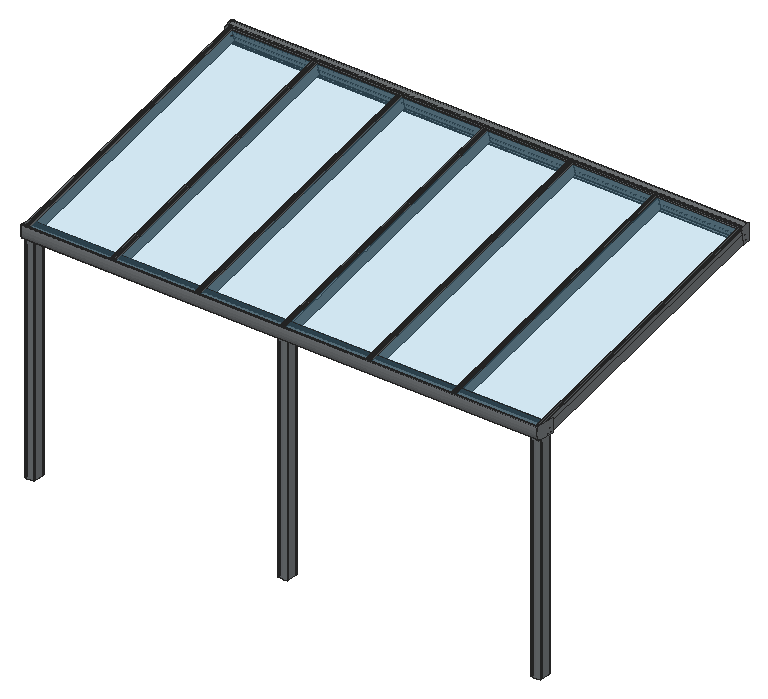
Revit family "Verano_V908_Ledro_GM_R21", category Generic Models, Revit 2021 (continued)
Definition of nested family "Wall Profile"
  Automatic sketch dimensions
    Extrusion 1 sketch curve to Extrusion 1 sketch curve = 3.81 mm
    Extrusion 1 sketch curve to level = 28.746 mm
    Extrusion 1 sketch curve to Extrusion 1 sketch curve = 0.526 mm
    Extrusion 1 sketch curve to level = 21.621 mm
    Extrusion 1 sketch curve to Extrusion 1 sketch curve = 4.981 mm
    Extrusion 1 sketch curve to level = 19.421 mm
    Extrusion 1 sketch curve to Extrusion 1 sketch curve = 0.673 mm
    Extrusion 1 sketch curve to level = 22.147 mm
    Extrusion 1 sketch curve to level = 18.035 mm
    Extrusion 1 sketch curve to Extrusion 1 sketch curve = 2.306 mm
    Extrusion 1 sketch curve to level = 1.5 mm
    Extrusion 1 sketch curve to Extrusion 1 sketch curve = 0.577 mm  (x10)
    Extrusion 1 sketch curve to Extrusion 1 sketch curve = 0.578 mm
    Extrusion 1 sketch curve to Extrusion 1 sketch curve = 0.488 mm
    Extrusion 1 sketch curve to Extrusion 1 sketch curve = 2.613 mm
    Extrusion 1 sketch curve to Extrusion 1 sketch curve = 1.585 mm
    Extrusion 1 sketch curve to Extrusion 1 sketch curve = 1.721 mm
    Extrusion 1 sketch curve to Extrusion 1 sketch curve = 35.787 mm
    Extrusion 1 sketch curve to Extrusion 1 sketch curve = 1.5 mm  (x4)
    Extrusion 1 sketch curve to Extrusion 1 sketch curve = 33.345 mm  (x2)
    Extrusion 1 sketch curve to Extrusion 1 sketch curve = 33.348 mm
    Extrusion 1 sketch curve to Extrusion 1 sketch curve = 1.498 mm
    Extrusion 1 sketch curve to Extrusion 1 sketch curve = 2.266 mm
    Extrusion 1 sketch curve to Extrusion 1 sketch curve = 9.521 mm
    Extrusion 1 sketch curve to Extrusion 1 sketch curve = 11.424 mm
    Extrusion 1 sketch curve to Extrusion 1 sketch curve = 0.001 mm
    Extrusion 1 sketch curve to plane 6 = 0.922 mm
    Extrusion 1 sketch curve to Extrusion 1 sketch curve = 0 mm
Definition of nested family "Top Frame_4"
  Parameters (values of type "Top Frame_4")
    Width = 3000 mm
    V3000 = no
    V2000 = no
    Rail Length Short = Frame Depth - 7.3 mm * 2  # 2985.4 mm
    Rail Length = Frame Depth - 7.3 mm * 2 + 90 mm  # 3075.4 mm
    Panel Material = none
    Number of Rails = Number of Fileds - 1  # 2
    Number of Fileds = if(Width < 3000 mm, 3, roundup(Width / 1000 mm))  # 3
    Glass Width = Field Width - 28 mm  # 953 mm
    Frame Material = none
    Field Width = (Width - 28.5 mm * 2) / (Number of Rails + 1)  # 981 mm
    Frame Depth = 3000 mm
    Default Elevation = 1219.2 mm
  Reference planes
    plane 1 "Center (Front/Back)": y = 0
    plane 2: z = 0
    plane 3 "Center (Left/Right)": x = 0
    plane 4: x = -1500
    plane 5: x = 1500
    plane 6: y = -3000
    plane 7: x = -490.5
    plane 8 "Extrusion Start": y = -7
    plane 9 "Extrusion End": y = -2992.699
    plane 10: x = -1471.5
    plane 11: x = 1471.5
    plane 12: x = 490.5
    plane 13 "Rail Bottom": z = 3.703
    plane 14 "G1": x = -1457.5
    plane 15: z = 134.504
    plane 16: z = 126.504
    plane 17 "G2": x = -476.5
    plane 18: y = -3082.4
    plane 19: x = -504.5
    plane 20: x = 504.5
    plane 21: x = 1457.5
  Forms (mm)
    Sweep 1, solid, material <- "Frame Material"
      path origin (0, 0, 0) x (1, 0, 0) y (0, 1, 0)
        loop
          line (1500, -3000) -> (-1500, -3000)
      profile "Rot Profile : Rot Profile" origin (0, -3000, 0) x (0, -1, 0) y (0, 0, 1)
        loop
          line (-26.253, -3.005) -> (-14.153, -3.003) -> (-14.153, -1.498) -> (-26.253, -1.498) -> (-26.253, -3.005)
        loop
          line (-7.301, 3.703) -> (-35.101, 3.703) -> (-35.101, -3) -> (-27.253, -3) -> (-27.253, -1.498) -> (-33.106, -1.497) -> (-33.106, 1.503) -> (-7.3, 1.503) -> (-7.3, -1.498) -> (-13.153, -1.497) -> (-13.153, -3) -> (-5.1, -3) -> (-5.1, 0)
          arc (-5.1, 0) -> (-1.587, 4.847) -> (4.113, 3.016) r 5.1
          arc (4.113, 3.016) -> (6.559, 2.64) -> (6.935, 5.086) r 1.75
          arc (6.935, 5.086) -> (1.174, 8.519) -> (-5.301, 6.772) r 8.6
          line (-5.301, 6.772) -> (-5.301, 25.894)
          arc (-5.301, 25.894) -> (4.356, 26.07) -> (13.431, 22.764) r 26.431
          arc (13.431, 22.764) -> (14.801, 23.117) -> (14.448, 24.487) r 1
          arc (14.448, 24.487) -> (4.887, 28.008) -> (-5.301, 27.933) r 28.431
          line (-5.301, 27.933) -> (-5.301, 111.499) -> (1.178, 111.499) -> (1.178, 119.001) -> (-2.715, 119)
          arc (-2.715, 119) -> (-4.039, 119.548) -> (-4.588, 120.873) r 1.873
          line (-4.588, 120.873) -> (-4.927, 126.198) -> (-0.098, 139.539) -> (-1.035, 139.879) -> (-7.301, 126.437) -> (-7.301, 117.501) -> (-7.301, 3.703)
    Sweep 2, solid, material <- "Frame Material"
      path origin (0, 0, 0) x (1, 0, 0) y (0, 1, 0)
        loop
          line (1500, 0) -> (-1500, 0)
      profile "Rot Profile : Rot Profile" origin (0, 0, 0) x (0, -1, 0) y (0, 0, 1)
        loop
          line (26.253, -3.005) -> (26.253, -1.498) -> (14.153, -1.498) -> (14.153, -3.003) -> (26.253, -3.005)
        loop
          line (7.301, 3.703) -> (7.301, 117.501) -> (7.301, 126.437) -> (1.035, 139.879) -> (0.098, 139.539) -> (4.927, 126.198) -> (4.588, 120.873)
          arc (4.588, 120.873) -> (4.039, 119.548) -> (2.715, 119) r 1.873
          line (2.715, 119) -> (-1.178, 119.001) -> (-1.178, 111.499) -> (5.301, 111.499) -> (5.301, 27.933)
          arc (5.301, 27.933) -> (-4.887, 28.008) -> (-14.448, 24.487) r 28.431
          arc (-14.448, 24.487) -> (-14.801, 23.117) -> (-13.431, 22.764) r 1
          arc (-13.431, 22.764) -> (-4.356, 26.07) -> (5.301, 25.894) r 26.431
          line (5.301, 25.894) -> (5.301, 6.772)
          arc (5.301, 6.772) -> (-1.174, 8.519) -> (-6.935, 5.086) r 8.6
          arc (-6.935, 5.086) -> (-6.559, 2.64) -> (-4.113, 3.016) r 1.75
          arc (-4.113, 3.016) -> (1.587, 4.847) -> (5.1, 0) r 5.1
          line (5.1, 0) -> (5.1, -3) -> (13.153, -3) -> (13.153, -1.497) -> (7.3, -1.498) -> (7.3, 1.503) -> (33.106, 1.503) -> (33.106, -1.497) -> (27.253, -1.498) -> (27.253, -3) -> (35.101, -3) -> (35.101, 3.703) -> (7.301, 3.703)
    Extrusion 3, solid, material <- "Frame Material"
      sketch origin (0, -7, 0) x (0, 0, -1) y (1, 0, 0)
        loop
          line (-3.703, 1443) -> (-3.703, 1500) -> (-124.504, 1500) -> (-124.504, 1476) -> (-140.304, 1476) -> (-140.304, 1467) -> (-124.504, 1467) -> (-124.504, 1443) -> (-3.703, 1443)
      from 0 to 2985.699
    Extrusion 4, solid, material <- "Frame Material"
      sketch origin (0, -7, 0) x (0, 0, -1) y (1, 0, 0)
        loop
          line (-111.499, -1501.6) -> (-111.499, -1500) -> (-146.796, -1500)
          arc (-146.796, -1500) -> (-147.943, -1490.653) -> (-148.449, -1481.25) r 137.832
          line (-148.449, -1481.25) -> (-143.71, -1481.25) -> (-143.71, -1478) -> (-124.075, -1478)
          arc (-124.075, -1478) -> (-123.325, -1477.25) -> (-124.075, -1476.5) r 0.75
          line (-124.075, -1476.5) -> (-143.71, -1476.5) -> (-143.71, -1466.5) -> (-124.075, -1466.5)
          arc (-124.075, -1466.5) -> (-123.325, -1465.75) -> (-124.075, -1465) r 0.75
          line (-124.075, -1465) -> (-143.71, -1465) -> (-143.71, -1461.75) -> (-148.455, -1461.75)
          arc (-148.455, -1461.75) -> (-148.267, -1456.62) -> (-147.88, -1451.5) r 132.005
          line (-147.88, -1451.5) -> (-140.278, -1451.5) -> (-140.278, -1448.8) -> (-141.792, -1448.8) -> (-141.792, -1450) -> (-146.941, -1450) -> (-146.941, -1444.5) -> (-141.792, -1444.5) -> (-141.792, -1445.7) -> (-140.278, -1445.7) -> (-140.278, -1443) -> (-148.412, -1443)
          arc (-148.412, -1443) -> (-149.656, -1453.448) -> (-150.074, -1463.962) r 133.605
          line (-150.074, -1463.962) -> (-149.354, -1464.682) -> (-150.07, -1465.398) -> (-150.07, -1477.597) -> (-149.359, -1478.308) -> (-150.074, -1479.023)
          arc (-150.074, -1479.023) -> (-149.575, -1490.351) -> (-148.156, -1501.6) r 139.432
          line (-148.156, -1501.6) -> (-111.499, -1501.6)
      from 0 to 3075.4 <- "Rail Length"
    Extrusion 5, solid, material <- "Frame Material"
      sketch origin (0, -7, 0) x (0, 0, -1) y (1, 0, 0)
        loop
          line (-3.703, -1500) -> (-3.703, -1443) -> (-124.504, -1443) -> (-124.504, -1467) -> (-140.304, -1467) -> (-140.304, -1476) -> (-124.504, -1476) -> (-124.504, -1500) -> (-3.703, -1500)
      from 0 to 2985.699
    Extrusion 6, solid, material <- "Frame Material"
      sketch origin (0, -7, 0) x (0, 0, -1) y (1, 0, 0)
        loop
          line (-111.499, 1501.6) -> (-148.156, 1501.6)
          arc (-148.156, 1501.6) -> (-149.575, 1490.351) -> (-150.074, 1479.023) r 139.432
          line (-150.074, 1479.023) -> (-149.359, 1478.308) -> (-150.07, 1477.597) -> (-150.07, 1465.398) -> (-149.354, 1464.682) -> (-150.074, 1463.962)
          arc (-150.074, 1463.962) -> (-149.656, 1453.448) -> (-148.412, 1443) r 133.605
          line (-148.412, 1443) -> (-140.278, 1443) -> (-140.278, 1445.7) -> (-141.792, 1445.7) -> (-141.792, 1444.5) -> (-146.941, 1444.5) -> (-146.941, 1450) -> (-141.792, 1450) -> (-141.792, 1448.8) -> (-140.278, 1448.8) -> (-140.278, 1451.5) -> (-147.88, 1451.5)
          arc (-147.88, 1451.5) -> (-148.267, 1456.62) -> (-148.455, 1461.75) r 132.005
          line (-148.455, 1461.75) -> (-143.71, 1461.75) -> (-143.71, 1465) -> (-124.075, 1465)
          arc (-124.075, 1465) -> (-123.325, 1465.75) -> (-124.075, 1466.5) r 0.75
          line (-124.075, 1466.5) -> (-143.71, 1466.5) -> (-143.71, 1476.5) -> (-124.075, 1476.5)
          arc (-124.075, 1476.5) -> (-123.325, 1477.25) -> (-124.075, 1478) r 0.75
          line (-124.075, 1478) -> (-143.71, 1478) -> (-143.71, 1481.25) -> (-148.449, 1481.25)
          arc (-148.449, 1481.25) -> (-147.943, 1490.653) -> (-146.796, 1500) r 137.832
          line (-146.796, 1500) -> (-111.499, 1500) -> (-111.499, 1501.6)
      from 0 to 3075.4 <- "Rail Length"
    Extrusion 7, solid, material <- "Panel Material"
      sketch origin (0, -7, 0) x (0, 0, -1) y (1, 0, 0)
        loop
          line (-134.504, 1457.5) -> (-134.504, -1457.5) -> (-126.504, -1457.5) -> (-126.504, 1457.5) -> (-134.504, 1457.5)
      from 0 to 3075.4 <- "Rail Length"
  Dimensions and locks
    equal spacing: plane 4, plane 3 "Center (Left/Right)", plane 5
    "Width": plane 4 to plane 5
    "Frame Depth": plane 6 to plane 1 "Center (Front/Back)"
    plane 7 to plane 4 = 1009.5 mm
    locked: plane 6 to plane 9 "Extrusion End" at 7.301
    plane 9 "Extrusion End" to plane 8 "Extrusion Start" = 2985.699 mm
    locked: plane 8 "Extrusion Start" to plane 1 "Center (Front/Back)" at 7
    locked: plane 4 to plane 10 at 28.5
    locked: plane 11 to plane 5 at 28.5
    "Field Width": plane 10 to plane 7
    "Field Width": plane 12 to plane 11
    locked: plane 13 "Rail Bottom" to plane 2 at 3.703
    locked: plane 14 "G1" to plane 10 at 14
    locked: plane 17 "G2" to plane 7 at 14
    locked: plane 6 to Extrusion 4 at 82.4
    plane 1 "Center (Front/Back)" to plane 6 = 3000 mm
    plane 7 to plane 17 "G2" = 14 mm
    locked: plane 12 to plane 20 at 14
    "Glass Width": plane 19 to plane 14 "G1"
    group 1 to group 2 = 981 mm
    group 1 to group 2 = 0 mm  (x2)
    locked: plane 11 to plane 21 at 14
    aligned and locked: level to plane 2
    aligned and locked: Sweep 1 sketch curve to plane 6
    aligned and locked: Sweep 2 sketch curve to plane 1 "Center (Front/Back)"
    aligned and locked: plane 5 to Extrusion 3
    aligned and locked: plane 4 to Extrusion 4
    aligned and locked: Extrusion 5 to Extrusion 3
    aligned and locked: Extrusion 6 to plane 5
    aligned and locked: Extrusion 3 to plane 9 "Extrusion End"
    aligned and locked: plane 9 "Extrusion End" to Sweep 1
    aligned and locked: Extrusion 6 to plane 18
    aligned and locked: Extrusion 4 to plane 18
    aligned and locked: Extrusion 4 to plane 8 "Extrusion Start"
    aligned and locked: plane 18 to Extrusion 4
    aligned and locked: Extrusion 5 to plane 9 "Extrusion End"
    aligned and locked: plane 7 to nested 1
    aligned and locked: plane 8 "Extrusion Start" to nested 1
    aligned and locked: plane 12 to nested 2
    aligned and locked: plane 8 "Extrusion Start" to nested 2
    aligned and locked: Extrusion 7 sketch curve to plane 21
    aligned and locked: Extrusion 7 sketch curve to plane 15
    aligned and locked: Extrusion 7 sketch curve to plane 16
    aligned and locked: Extrusion 7 sketch curve to plane 14 "G1"
    aligned and locked: plane 21 to Extrusion 7
    aligned and locked: Extrusion 7 to plane 14 "G1"
  Automatic sketch dimensions
    Sweep 1 sketch curve to plane 4 = 0 mm
    Sweep 1 sketch curve to plane 5 = 0 mm
    Sweep 2 sketch curve to plane 4 = 0 mm
    Sweep 2 sketch curve to plane 5 = 0 mm
    Extrusion 3 sketch curve to plane 5 = 0 mm
    Extrusion 3 sketch curve to plane 5 = 24 mm
    level to Extrusion 3 sketch curve = 140.304 mm
    Extrusion 3 sketch curve to Extrusion 3 sketch curve = 15.8 mm
    Extrusion 3 sketch curve to Extrusion 3 sketch curve = 0 mm
    level to Extrusion 3 sketch curve = 3.703 mm
    Extrusion 3 sketch curve to Extrusion 3 sketch curve = 9 mm
    Extrusion 3 sketch curve to Extrusion 3 sketch curve = 24 mm
    Extrusion 4 sketch curve to Extrusion 4 sketch curve = 0 mm  (x8)
    Extrusion 4 sketch curve to plane 4 = 0 mm
    plane 4 to Extrusion 4 sketch curve = 36.038 mm
    Extrusion 4 sketch curve to Extrusion 4 sketch curve = 0.004 mm  (x2)
    plane 4 to Extrusion 4 sketch curve = 20.977 mm
    plane 4 to Extrusion 4 sketch curve = 21.692 mm
    Extrusion 4 sketch curve to Extrusion 4 sketch curve = 0.711 mm
    plane 4 to Extrusion 4 sketch curve = 35.318 mm
    Extrusion 4 sketch curve to Extrusion 4 sketch curve = 0.716 mm
    Extrusion 4 sketch curve to Extrusion 4 sketch curve = 1.619 mm
    Extrusion 4 sketch curve to Extrusion 4 sketch curve = 1.626 mm
    Extrusion 4 sketch curve to Extrusion 4 sketch curve = 1.471 mm
    Extrusion 4 sketch curve to plane 4 = 1.6 mm
    Extrusion 4 sketch curve to Extrusion 4 sketch curve = 0.292 mm
    Extrusion 4 sketch curve to Extrusion 4 sketch curve = 0.939 mm
    Extrusion 4 sketch curve to Extrusion 4 sketch curve = 1.361 mm
    Extrusion 4 sketch curve to Extrusion 4 sketch curve = 5.148 mm
    Extrusion 4 sketch curve to Extrusion 4 sketch curve = 1.514 mm  (x2)
    Extrusion 4 sketch curve to Extrusion 4 sketch curve = 19.635 mm
    Extrusion 4 sketch curve to Extrusion 4 sketch curve = 12.576 mm
    level to Extrusion 4 sketch curve = 16.469 mm
    level to Extrusion 4 sketch curve = 10.643 mm
    Extrusion 4 sketch curve to Extrusion 4 sketch curve = 2.942 mm
    Extrusion 4 sketch curve to Extrusion 4 sketch curve = 3.25 mm  (x2)
    Extrusion 4 sketch curve to Extrusion 4 sketch curve = 0.75 mm  (x2)
    Extrusion 4 sketch curve to Extrusion 4 sketch curve = 1.818 mm
    Extrusion 4 sketch curve to Extrusion 4 sketch curve = 14.539 mm
    Extrusion 4 sketch curve to Extrusion 4 sketch curve = 1.5 mm
    Extrusion 4 sketch curve to Extrusion 4 sketch curve = 1.2 mm  (x2)
    Extrusion 4 sketch curve to Extrusion 4 sketch curve = 2.7 mm
    Extrusion 5 sketch curve to plane 4 = 0 mm
    plane 4 to Extrusion 5 sketch curve = 33 mm
    level to Extrusion 5 sketch curve = 140.304 mm
    Extrusion 5 sketch curve to Extrusion 5 sketch curve = 15.8 mm
    Extrusion 5 sketch curve to Extrusion 5 sketch curve = 0 mm
    level to Extrusion 5 sketch curve = 3.703 mm
    Extrusion 5 sketch curve to Extrusion 5 sketch curve = 9 mm
    plane 4 to Extrusion 5 sketch curve = 57 mm
    Extrusion 6 sketch curve to Extrusion 6 sketch curve = 0 mm  (x8)
    Extrusion 6 sketch curve to plane 5 = 0 mm
    Extrusion 6 sketch curve to plane 5 = 20.977 mm
    level to Extrusion 6 sketch curve = 150.074 mm
    Extrusion 6 sketch curve to plane 5 = 36.038 mm
    Extrusion 6 sketch curve to plane 5 = 22.403 mm
    Extrusion 6 sketch curve to Extrusion 6 sketch curve = 0.004 mm
    Extrusion 6 sketch curve to plane 5 = 21.692 mm
    Extrusion 6 sketch curve to plane 5 = 35.318 mm
    Extrusion 6 sketch curve to Extrusion 6 sketch curve = 0.716 mm
    Extrusion 6 sketch curve to Extrusion 6 sketch curve = 1.619 mm
    Extrusion 6 sketch curve to Extrusion 6 sketch curve = 1.626 mm
    Extrusion 6 sketch curve to Extrusion 6 sketch curve = 0.043 mm
    plane 5 to Extrusion 6 sketch curve = 1.6 mm
    Extrusion 6 sketch curve to Extrusion 6 sketch curve = 0.292 mm
    Extrusion 6 sketch curve to Extrusion 6 sketch curve = 0.532 mm
    Extrusion 6 sketch curve to Extrusion 6 sketch curve = 1.471 mm
    Extrusion 6 sketch curve to Extrusion 6 sketch curve = 1.361 mm
    Extrusion 6 sketch curve to Extrusion 6 sketch curve = 4.745 mm
    Extrusion 6 sketch curve to Extrusion 6 sketch curve = 4.738 mm
    Extrusion 6 sketch curve to Extrusion 6 sketch curve = 5.148 mm
    Extrusion 6 sketch curve to Extrusion 6 sketch curve = 1.514 mm  (x2)
    Extrusion 6 sketch curve to Extrusion 6 sketch curve = 19.635 mm
    Extrusion 6 sketch curve to Extrusion 6 sketch curve = 12.576 mm
    level to Extrusion 6 sketch curve = 16.469 mm
    level to Extrusion 6 sketch curve = 10.643 mm
    Extrusion 6 sketch curve to Extrusion 6 sketch curve = 2.932 mm
    Extrusion 6 sketch curve to Extrusion 6 sketch curve = 10.25 mm
    Extrusion 6 sketch curve to Extrusion 6 sketch curve = 1.5 mm  (x2)
    Extrusion 6 sketch curve to Extrusion 6 sketch curve = 1.2 mm
    Extrusion 6 sketch curve to Extrusion 6 sketch curve = 2.7 mm
    Extrusion 6 sketch curve to Extrusion 6 sketch curve = 3.25 mm
    Extrusion 6 sketch curve to Extrusion 6 sketch curve = 0.75 mm  (x2)
    Extrusion 6 sketch curve to Extrusion 6 sketch curve = 1.808 mm
    plane 16 to Extrusion 4 sketch curve = 15.005 mm
    plane 15 to Extrusion 4 sketch curve = 5.774 mm
    Extrusion 4 sketch curve to Extrusion 4 sketch curve = 3.085 mm
  Nested families
    nested 1: "Middle Rail_GM" at (-490.5, -7, 3.703), visible <- "V3000", type "Middle Rail_GM"
      with Length 2 3075.4 mm, Length 1 2985.4 mm
    nested 2: "Middle Rail_GM" at (490.5, -7, 3.703), visible <- "V3000", type "Middle Rail_GM"
      with Length 2 3075.4 mm, Length 1 2985.4 mm
  Definition of nested family "Middle Rail_GM"
    Parameters
      Length 2 = 250 mm
      Length 1 = 250 mm
      Frame Material = none
      Default Elevation = 0 mm
    Reference planes
      plane 1 "Center (Front/Back)": y = 0
      plane 2: z = 0
      plane 3 "Center (Left/Right)": x = 0
    Forms (mm)
      Extrusion 1, solid, material <- "Frame Material"
        sketch origin (0, 0, 0) x (1, 0, 0) y (0, 0, 1)
          loop
            line (-28.5, 120.8) -> (-28.5, 0) -> (28.5, 0) -> (28.5, 120.8) -> (4.5, 120.8) -> (4.5, 136.6) -> (-4.5, 136.6) -> (-4.5, 120.8) -> (-28.5, 120.8)
        from 0 to 250 <- "Length 1"
      Extrusion 2, solid, material <- "Frame Material"
        sketch origin (0, 0, 0) x (1, 0, 0) y (0, 0, 1)
          loop
            line (-6.5, 138.189) -> (-6.5, 118.554)
            arc (-6.5, 118.554) -> (-5.75, 117.804) -> (-5, 118.554) r 0.75
            line (-5, 118.554) -> (-5, 138.189) -> (5, 138.189) -> (5, 118.554)
            arc (5, 118.554) -> (5.75, 117.804) -> (6.5, 118.554) r 0.75
            line (6.5, 118.554) -> (6.5, 138.189) -> (9.75, 138.189) -> (9.75, 142.931)
            arc (9.75, 142.931) -> (14.881, 142.741) -> (20, 142.353) r 134.014
            line (20, 142.353) -> (20, 134.757) -> (22.7, 134.757) -> (22.7, 136.271) -> (21.5, 136.271) -> (21.5, 141.419) -> (27, 141.419) -> (27, 136.271) -> (25.8, 136.271) -> (25.8, 134.757) -> (28.5, 134.757) -> (28.5, 142.892)
            arc (28.5, 142.892) -> (18.028, 144.131) -> (7.492, 144.553) r 135.614
            line (7.492, 144.553) -> (6.774, 143.835) -> (6.056, 144.553) -> (-6.056, 144.553) -> (-6.774, 143.835) -> (-7.492, 144.553)
            arc (-7.492, 144.553) -> (-18.028, 144.13) -> (-28.5, 142.889) r 135.549
            line (-28.5, 142.889) -> (-28.5, 134.757) -> (-25.8, 134.757) -> (-25.8, 136.271) -> (-27, 136.271) -> (-27, 141.419) -> (-21.5, 141.419) -> (-21.5, 136.271) -> (-22.7, 136.271) -> (-22.7, 134.757) -> (-20, 134.757) -> (-20, 142.352)
            arc (-20, 142.352) -> (-14.881, 142.74) -> (-9.75, 142.931) r 133.949
            line (-9.75, 142.931) -> (-9.75, 138.189) -> (-6.5, 138.189)
        from 0 to 250 <- "Length 2"
    Dimensions and locks
      aligned and locked: level to plane 2
      aligned and locked: Extrusion 1 sketch curve to import instance  (x5)
      aligned and locked: import instance to Extrusion 1 sketch curve  (x2)
      aligned and locked: Extrusion 2 sketch curve to import instance  (x19)
Types (2, lengths in mm): name | Straight | Rounded
  T1 - Rounded Profile | no | yes
  T2 - Straight Profile | yes | no
